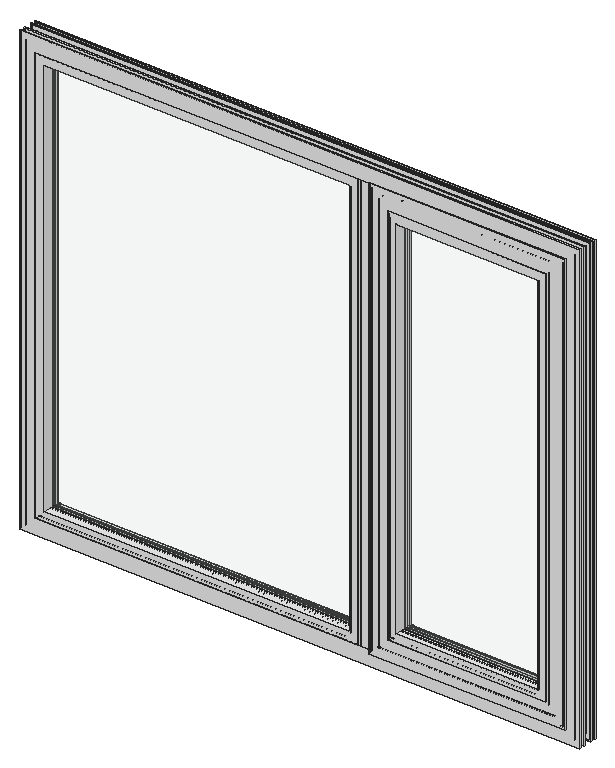
Revit family "Serene_T&T_Window_B_Standard", category Windows, host Wall, Revit 2014 (continued)
Definition of nested family "Serene_Fixed_Panel_B_Std"
  Definition of nested family "Serene_Bead_Square_12mm"
    Automatic sketch dimensions
      Sweep 1 sketch curve to Sweep 1 sketch curve = 2.093 mm
      Sweep 1 sketch curve to Sweep 1 sketch curve = 15 mm
      curve 1 to Sweep 1 = 0 mm  (x4)
      curve 4 to Sweep 1 = 0 mm  (x3)
      Sweep 1 to curve 4 = 0 mm
      curve 3 to Sweep 1 = 0 mm  (x3)
      curve 2 to Sweep 1 = 0 mm  (x4)
      Sweep 1 to curve 3 = 0 mm
      Sweep 1 sketch curve to plane 3 "Center (Left/Right)" = 0 mm
      Sweep 1 sketch curve to level = 0 mm
  Definition of nested family "Serene_Bead_D_Glazing_Square"
    Parameters (values of type "Serene_Bead_D_Glazing_Square")
      Width Bead [instance] = 900 mm
      Profile Material [instance] = none
      Height Bead [instance] = 1320 mm
    Reference planes
      plane 1 "Center (Front/Back)": y = 0
      plane 2: z = 0
      plane 3 "Center (Left/Right)": x = 0
    Forms (mm)
      Sweep 1, solid, material <- "Profile Material"
        path origin (0, 0, 0) x (1, 0, 0) y (0, 0, 1)
          loop
            line (0, 0) -> (900, 0) -> (900, 1320) -> (0, 1320) -> (0, 0)
        profile origin (450, 0, 0) x (0, 0, 1) y (0, -1, 0)
          loop
            line (22, -16.5) -> (22, 0) -> (0, 0) -> (0, -1.2) -> (1.2, -1.2) -> (1.2, -4.2) -> (-1.876, -4.2) -> (-1.876, -3.293) -> (-3.909, -4.467)
            arc (-3.909, -4.467) -> (-4.142, -5.029) -> (-3.659, -5.4) r 0.5
            line (-3.659, -5.4) -> (1.4, -5.4)
            arc (1.4, -5.4) -> (2.107, -5.107) -> (2.4, -4.4) r 1
            line (2.4, -4.4) -> (2.4, -1.2) -> (20.8, -1.2) -> (20.8, -12.4) -> (14.6, -12.4) -> (0, -16.7) -> (-3.659, -16.7)
            arc (-3.659, -16.7) -> (-4.142, -17.071) -> (-3.909, -17.633) r 0.5
            line (-3.909, -17.633) -> (-1.876, -18.807) -> (-1.876, -17.9) -> (0.173, -17.9) -> (14.6, -13.651) -> (14.6, -16.5) -> (17, -16.5) -> (17, -15.3) -> (15.8, -15.3) -> (15.8, -13.6) -> (20.8, -13.6) -> (20.8, -15.3) -> (19.6, -15.3) -> (19.6, -16.5) -> (22, -16.5)
    Lines and regions (mm)
      model lines, style "GenericModel"
        curve 1: line (22, 0, 1298) -> (0, 0, 1298)
        curve 2: line (878, 0, 1298) -> (900, 0, 1298)
        curve 3: line (878, 0, 22) -> (900, 0, 22)
        curve 4: line (22, 0, 22) -> (0, 0, 22)
    Dimensions and locks
      "Width Bead": Sweep 1 sketch curve to Sweep 1 sketch curve
      "Height Bead": Sweep 1 sketch curve to Sweep 1 sketch curve
      aligned and locked: level to plane 2
    Automatic sketch dimensions
      profile plane to Sweep 1 sketch curve = 3.909 mm  (x2)
      Sweep 1 sketch curve to Sweep 1 sketch curve = 0.25 mm  (x2)
      Sweep 1 sketch curve to Sweep 1 sketch curve = 2.033 mm
      Sweep 1 sketch curve to Sweep 1 sketch curve = 1.783 mm
      Sweep 1 sketch curve to Sweep 1 sketch curve = 1.876 mm  (x2)
      Sweep 1 sketch curve to Sweep 1 sketch curve = 0.173 mm
      Sweep 1 sketch curve to Sweep 1 sketch curve = 1.2 mm  (x9)
      Sweep 1 sketch curve to Sweep 1 sketch curve = 0.2 mm
      Sweep 1 sketch curve to Sweep 1 sketch curve = 12.2 mm
      Sweep 1 sketch curve to Sweep 1 sketch curve = 0 mm  (x4)
      Sweep 1 sketch curve to Sweep 1 sketch curve = 2.6 mm
      Sweep 1 sketch curve to plane 1 "Center (Front/Back)" = 18.807 mm
      Sweep 1 sketch curve to Sweep 1 sketch curve = 0.907 mm  (x2)
      Sweep 1 sketch curve to Sweep 1 sketch curve = 0.267 mm
      Sweep 1 sketch curve to Sweep 1 sketch curve = 0.433 mm
      Sweep 1 sketch curve to plane 1 "Center (Front/Back)" = 16.5 mm
      Sweep 1 sketch curve to Sweep 1 sketch curve = 1.649 mm
      Sweep 1 sketch curve to Sweep 1 sketch curve = 1.7 mm
      Sweep 1 sketch curve to Sweep 1 sketch curve = 1.251 mm
      Sweep 1 sketch curve to Sweep 1 sketch curve = 11.3 mm
      Sweep 1 sketch curve to Sweep 1 sketch curve = 0.5 mm
      Sweep 1 sketch curve to Sweep 1 sketch curve = 0.7 mm
      Sweep 1 sketch curve to Sweep 1 sketch curve = 3 mm
      curve 1 to Sweep 1 = 0 mm  (x3)
      curve 4 to Sweep 1 = 0 mm  (x2)
      Sweep 1 to curve 4 = 0 mm
      curve 3 to Sweep 1 = 0 mm  (x2)
      curve 2 to Sweep 1 = 0 mm  (x2)
      Sweep 1 to curve 3 = 0 mm
      Sweep 1 to curve 2 = 0 mm
      Sweep 1 sketch curve to plane 3 "Center (Left/Right)" = 0 mm
      Sweep 1 sketch curve to level = 0 mm
  Definition of nested family "Serene_Single_Glazing_Fixed_B_Std"
    Parameters (values of type "Single_Glazing_Fixed")
      Glazing Width [instance] = 900 mm
      Glazing Height [instance] = 1500 mm
      Glazing Thickness SG [instance] = 4 mm
      Glazing Material [instance] = Glass
    Reference planes
      plane 1 "Center (Front/Back)": y = 0
      plane 2: z = 0
      plane 3 "Center (Left/Right)": x = 0
    Forms (mm)
      Extrusion 1, solid, material "Glass" <- "Glazing Material"
        sketch origin (0, 0, 0) x (1, 0, 0) y (0, 0, 1)
          loop
            line (0, 0) -> (0, 1500) -> (-900, 1500) -> (-900, 0) -> (0, 0)
        from 0 to 4 <- "Glazing Thickness SG"
    Dimensions and locks
      "Glazing Width": plane 3 "Center (Left/Right)" to Extrusion 1 sketch curve
      "Glazing Height": Extrusion 1 sketch curve to level
      aligned and locked: level to plane 2
      aligned and locked: Extrusion 1 sketch curve to plane 3 "Center (Left/Right)"
      aligned and locked: level to Extrusion 1 sketch curve
  Definition of nested family "Serene_Double_Glazing_Fixed_B_Std"
    Parameters (values of type "Double_Glazing_Fixed")
      Glazing Width [instance] = 600 mm
      Glazing Height [instance] = 600 mm
      Glazing Thickness DG [instance] = 4 mm
      Glazing Material [instance] = Glass
      Double Glazing Gasket Thickness [instance] = 12 mm
      Double Glazing Gasket Material [instance] = none
    Reference planes
      plane 1 "Center (Front/Back)": y = 0
      plane 2: z = 0
      plane 3 "Center (Left/Right)": x = 0
    Forms (mm)
      Extrusion 1, solid, material "Glass" <- "Glazing Material"
        sketch origin (0, 0, 0) x (1, 0, 0) y (0, 0, 1)
          loop
            line (0, 0) -> (0, 600) -> (-600, 600) -> (-600, 0) -> (0, 0)
        from 0 to 4 <- "Glazing Thickness DG"
      Extrusion 2, solid, material <- "Double Glazing Gasket Material"
        sketch origin (0, -4, 0) x (1, 0, 0) y (0, 0, 1)
          loop
            line (-600, 600) -> (-600, 0) -> (0, 0) -> (0, 600) -> (-600, 600)
          loop
            line (-592, 8) -> (-8, 8) -> (-8, 592) -> (-592, 592) -> (-592, 8)
        from 0 to 12 <- "Double Glazing Gasket Thickness"
      Extrusion 3, solid, material "Glass" <- "Glazing Material"
        sketch origin (0, -16, 0) x (1, 0, 0) y (0, 0, 1)
          loop
            line (-600, 600) -> (-600, 0) -> (0, 0) -> (0, 600) -> (-600, 600)
        from 0 to 4 <- "Glazing Thickness DG"
    Dimensions and locks
      "Glazing Width": plane 3 "Center (Left/Right)" to Extrusion 1 sketch curve
      "Glazing Height": Extrusion 1 sketch curve to level
      aligned and locked: level to plane 2
      aligned and locked: Extrusion 1 sketch curve to plane 3 "Center (Left/Right)"
      aligned and locked: level to Extrusion 1 sketch curve
      aligned and locked: Extrusion 2 sketch curve to Extrusion 1  (x4)
      aligned and locked: Extrusion 3 sketch curve to Extrusion 2  (x4)
    Automatic sketch dimensions
      Extrusion 2 sketch curve to Extrusion 1 = 8 mm  (x4)
Definition of nested family "Serene_Single_Glazing_Tilt_&_Turn_B_Std"
  Parameters (values of type "Single_Glazing_Tilt_&_Turn")
    Tilt [instance] = yes
    Right Hinged [instance] = yes
    Left Hinged [instance] = yes
    Half Width [instance] = Glazing Width / 2  # 450 mm
    Half Height [instance] = Glazing Height / 2  # 750 mm
    Glazing Width [instance] = 900 mm
    Glazing Height [instance] = 1500 mm
    Glazing Thickness SG [instance] = 4 mm
    Glazing Material [instance] = Glass
    Glazing Bead Gap = 21.8 mm  # constant formula
  Reference planes
    plane 1 "Center (Front/Back)": y = 0
    plane 2: z = 0
    plane 3 "Center (Left/Right)": x = 0
  Forms (mm)
    Extrusion 1, solid, material "Glass" <- "Glazing Material"
      sketch origin (0, 0, 0) x (1, 0, 0) y (0, 0, 1)
        loop
          line (0, 0) -> (0, 1500) -> (-900, 1500) -> (-900, 0) -> (0, 0)
      from 0 to 4 <- "Glazing Thickness SG"
  Lines and regions (mm)
    model lines, style "GenericModelHiddenLines", visible <- "Left Hinged"
      curve 1: line (-878.2, 0, 1478.2) -> (-21.8, 0, 750)
      curve 2: line (-21.8, 0, 750) -> (-878.2, 0, 21.8)
    model lines, style "GenericModelHiddenLines", visible <- "Right Hinged"
      curve 3: line (-21.8, 0, 1478.2) -> (-878.2, 0, 750)
      curve 4: line (-878.2, 0, 750) -> (-21.8, 0, 21.8)
    model lines, style "GenericModelHiddenLines", visible <- "Tilt"
      curve 5: line (-878.2, 0, 21.8) -> (-450, 0, 1478.2)
      curve 6: line (-450, 0, 1478.2) -> (-21.8, 0, 21.8)
  Dimensions and locks
    "Glazing Width": plane 3 "Center (Left/Right)" to Extrusion 1 sketch curve
    "Glazing Height": Extrusion 1 sketch curve to level
    "Glazing Bead Gap": curve 2 to Extrusion 1
    "Glazing Bead Gap": Extrusion 1 to curve 2  (x2)
    "Glazing Bead Gap": Extrusion 1 to curve 4  (x2)
    "Glazing Bead Gap": curve 4 to Extrusion 1
    "Glazing Bead Gap": Extrusion 1 to curve 3  (x2)
    "Glazing Bead Gap": Extrusion 1 to curve 1  (x2)
    "Half Height": curve 4 to Extrusion 1
    "Half Height": curve 2 to Extrusion 1
    "Glazing Bead Gap": Extrusion 1 to curve 6
    "Half Width": plane 3 "Center (Left/Right)" to curve 6
    aligned and locked: level to plane 2
    aligned and locked: Extrusion 1 sketch curve to plane 3 "Center (Left/Right)"
    aligned and locked: level to Extrusion 1 sketch curve
Definition of nested family "Serene_Single_Glazing_Fixed_B_Std"
  Parameters (values of type "Single_Glazing_Fixed")
    Glazing Width [instance] = 900 mm
    Glazing Height [instance] = 1500 mm
    Glazing Thickness SG [instance] = 4 mm
    Glazing Material [instance] = Glass
  Reference planes
    plane 1 "Center (Front/Back)": y = 0
    plane 2: z = 0
    plane 3 "Center (Left/Right)": x = 0
  Forms (mm)
    Extrusion 1, solid, material "Glass" <- "Glazing Material"
      sketch origin (0, 0, 0) x (1, 0, 0) y (0, 0, 1)
        loop
          line (0, 0) -> (0, 1500) -> (-900, 1500) -> (-900, 0) -> (0, 0)
      from 0 to 4 <- "Glazing Thickness SG"
  Dimensions and locks
    "Glazing Width": plane 3 "Center (Left/Right)" to Extrusion 1 sketch curve
    "Glazing Height": Extrusion 1 sketch curve to level
    aligned and locked: level to plane 2
    aligned and locked: Extrusion 1 sketch curve to plane 3 "Center (Left/Right)"
    aligned and locked: level to Extrusion 1 sketch curve
Types (18, lengths in mm): name | Windload Design | Width | Sash Height | Overall Width | Overall Height | Max Pane Area | Intruderprufe U Value | Intruderprufe SHGC Value | Intruderprufe LowE U Value | Intruderprufe LowE SHGC Value | Height Sash | Height | Fixed Panel Width | Fixed Panel Height | Energy Advantage U Value | Energy Advantage SHGC Value | Custom Window Width | Custom Window Height | Custom Windload | Length Mullion | Clearvue U Value | Clearvue SHGC Value | Clearvue Insulated U Value | Clearvue Insulated SHGC Value | Clearvue Insulated LowE U Value | Clearvue Insulated LowE SHGC Value | Area Glazing Sash | Area Glazing Fixed Panel
  52TT-0909S-1500Pa | 1500 | 890 | 822 | 890 | 890 | 0.304227 m² | 6.29 | 0.439 | 4.68 | 0.389 | 822 | 890 | 260 | 810 | 5.73 | 0.425 | 890 | 890 | 1500 | 810 | 6.38 | 0.473 | 4.67 | 0.419 | 4.3 | 0.382 | 0.304227 m² | 0.20 m²
  52TT-0909S-2000Pa | 2000 | 890 | 822 | 890 | 890 | 0.304227 m² | 6.29 | 0.439 | 4.68 | 0.389 | 822 | 890 | 260 | 810 | 5.73 | 0.425 | 890 | 890 | 2000 | 810 | 6.38 | 0.473 | 4.67 | 0.419 | 4.3 | 0.382 | 0.304227 m² | 0.20 m²
  52TT-1209S-1000Pa | 1000 | 1190 | 822 | 890 | 890 | 0.44 m² | 6.16 | 0.498 | 4.58 | 0.441 | 822 | 890 | 560 | 810 | 5.4 | 0.483 | 1190 | 890 | 1000 | 810 | 6.27 | 0.539 | 4.33 | 0.475 | 3.88 | 0.433 | 0.304227 m² | 0.44 m²
  52TT-1209S-1500Pa | 1500 | 1190 | 822 | 890 | 890 | 0.44 m² | 6.16 | 0.498 | 4.58 | 0.441 | 822 | 890 | 560 | 810 | 5.4 | 0.483 | 1190 | 890 | 1500 | 810 | 6.27 | 0.539 | 4.33 | 0.475 | 3.88 | 0.433 | 0.304227 m² | 0.44 m²
  52TT-1209S-2000Pa | 2000 | 1190 | 822 | 890 | 890 | 0.44 m² | 6.16 | 0.498 | 4.58 | 0.441 | 822 | 890 | 560 | 810 | 5.4 | 0.483 | 1190 | 890 | 2000 | 810 | 6.27 | 0.539 | 4.33 | 0.475 | 3.88 | 0.433 | 0.304227 m² | 0.44 m²
  52TT-1509S-1000Pa | 1000 | 1490 | 822 | 890 | 890 | 0.68 m² | 6.09 | 0.534 | 4.53 | 0.473 | 822 | 890 | 860 | 810 | 5.2 | 0.517 | 1490 | 890 | 1000 | 810 | 6.21 | 0.577 | 4.12 | 0.509 | 3.63 | 0.464 | 0.304227 m² | 0.68 m²
  52TT-1509S-1500Pa | 1500 | 1490 | 822 | 890 | 890 | 0.68 m² | 6.09 | 0.534 | 4.53 | 0.473 | 822 | 890 | 860 | 810 | 5.2 | 0.517 | 1490 | 890 | 1500 | 810 | 6.21 | 0.577 | 4.12 | 0.509 | 3.63 | 0.464 | 0.304227 m² | 0.68 m²
  52TT-1509S-2000Pa | 2000 | 1490 | 822 | 890 | 890 | 0.68 m² | 6.09 | 0.534 | 4.53 | 0.473 | 822 | 890 | 860 | 810 | 5.2 | 0.517 | 1490 | 890 | 2000 | 810 | 6.21 | 0.577 | 4.12 | 0.509 | 3.63 | 0.464 | 0.304227 m² | 0.68 m²
  52TT-0912S-1000Pa | 1000 | 890 | 1122 | 890 | 890 | 0.430707 m² | 6.23 | 0.463 | 4.63 | 0.41 | 822 | 1190 | 260 | 1110 | 5.61 | 0.449 | 890 | 1190 | 1000 | 1110 | 6.32 | 0.499 | 4.53 | 0.441 | 4.13 | 0.403 | 0.430707 m² | 0.275 m²
  52TT-0912S-1500Pa | 1500 | 890 | 1122 | 890 | 890 | 0.430707 m² | 6.23 | 0.463 | 4.63 | 0.41 | 822 | 1190 | 260 | 1110 | 5.61 | 0.449 | 890 | 1190 | 1500 | 1110 | 6.32 | 0.499 | 4.53 | 0.441 | 4.13 | 0.403 | 0.430707 m² | 0.275 m²
  52TT-0912S-2000Pa | 2000 | 890 | 1122 | 890 | 890 | 0.430707 m² | 6.23 | 0.463 | 4.63 | 0.41 | 822 | 1190 | 260 | 1110 | 5.61 | 0.449 | 890 | 1190 | 2000 | 1110 | 6.32 | 0.499 | 4.53 | 0.441 | 4.13 | 0.403 | 0.430707 m² | 0.275 m²
  52TT-1212S-1000Pa | 1000 | 1190 | 1122 | 890 | 890 | 0.605 m² | 6.11 | 0.523 | 4.54 | 0.464 | 822 | 1190 | 560 | 1110 | 5.26 | 0.507 | 1190 | 1190 | 1000 | 1110 | 6.22 | 0.565 | 4.19 | 0.499 | 3.71 | 0.455 | 0.430707 m² | 0.605 m²
  52TT-1212S-1500Pa | 1500 | 1190 | 1122 | 890 | 890 | 0.605 m² | 6.11 | 0.523 | 4.54 | 0.464 | 822 | 1190 | 560 | 1110 | 5.26 | 0.507 | 1190 | 1190 | 1500 | 1110 | 6.22 | 0.565 | 4.19 | 0.499 | 3.71 | 0.455 | 0.430707 m² | 0.605 m²
  52TT-1212S-2000Pa | 2000 | 1190 | 1122 | 890 | 890 | 0.605 m² | 6.11 | 0.523 | 4.54 | 0.464 | 822 | 1190 | 560 | 1110 | 5.26 | 0.507 | 1190 | 1190 | 2000 | 1110 | 6.22 | 0.565 | 4.19 | 0.499 | 3.71 | 0.455 | 0.430707 m² | 0.605 m²
  52TT-1512S-1000Pa | 1000 | 1490 | 1122 | 890 | 890 | 0.935 m² | 6.04 | 0.559 | 4.49 | 0.496 | 822 | 1190 | 860 | 1110 | 5.06 | 0.542 | 1490 | 1190 | 1000 | 1110 | 6.17 | 0.605 | 3.98 | 0.533 | 3.46 | 0.486 | 0.430707 m² | 0.935 m²
  52TT-1512S-1500Pa | 1500 | 1490 | 1122 | 890 | 890 | 0.935 m² | 6.04 | 0.559 | 4.49 | 0.496 | 822 | 1190 | 860 | 1110 | 5.06 | 0.542 | 1490 | 1190 | 1500 | 1110 | 6.17 | 0.605 | 3.98 | 0.533 | 3.46 | 0.486 | 0.430707 m² | 0.935 m²
  52TT-1512S-2000Pa | 2000 | 1490 | 1122 | 1490 | 1190 | 0.935 m² | 6.04 | 0.559 | 4.49 | 0.496 | 1122 | 1190 | 860 | 1110 | 5.06 | 0.542 | 1490 | 1190 | 2000 | 1110 | 6.17 | 0.605 | 3.98 | 0.533 | 3.46 | 0.486 | 0.430707 m² | 0.935 m²
  52TT-0909S-1000Pa | 1000 | 890 | 822 | 890 | 890 | 0.304227 m² | 6.29 | 0.439 | 4.68 | 0.389 | 822 | 890 | 260 | 810 | 5.73 | 0.425 | 890 | 890 | 1000 | 810 | 6.38 | 0.473 | 4.67 | 0.419 | 4.3 | 0.382 | 0.304227 m² | 0.20 m²
